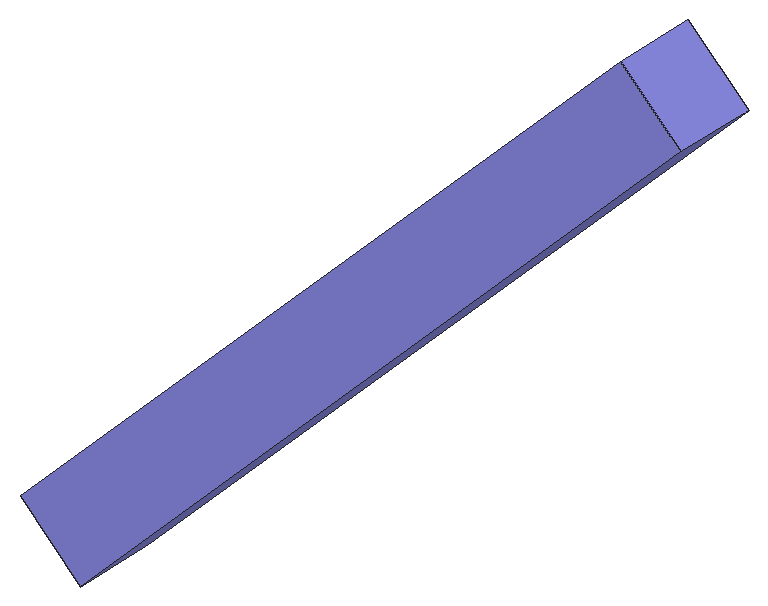
Revit family "配管サポート_等辺山形鋼 1", category Generic Models, Revit 2020
Family settings
  Can host rebar = No
  Round Connector Dimension = Use Diameter
  Part Type = Normal
  Work Plane-Based = Yes
  Always vertical = No
  Cut with Voids When Loaded = No
  Shared = No
  Room Calculation Point = No
Parameters (values of type "L 100 x 100")
  高さ = 100 mm
  長辺 [instance] = 長さ  # 1000 mm
  長さ [instance] = 1000 mm
  部屋名 = ""
  角度 [instance] = 45.00°
  Default Elevation = 1219.2 mm
  構造マテリアル = E102_配管サポート
  幅 = 100 mm
Types (18, lengths in mm): name | 高さ | 幅
  L 120 x 120 | 120 | 120
  L 130 x 130 | 130 | 130
  L 150 x 150 | 150 | 150
  L 175 x 175 | 175 | 175
  L 200 x 200 | 200 | 200
  L 25 x 25 | 25 | 25
  L 250 x 250 | 250 | 250
  L 30 x 30 | 30 | 30
  L 45 x 45 | 45 | 45
  L 50 x 50 | 50 | 50
  L 60 x 60 | 60 | 60
  L 65 x 65 | 65 | 65
  L 70 x 70 | 70 | 70
  L 75 x 75 | 75 | 75
  L 80 x 80 | 80 | 80
  L 90 x 90 | 90 | 90
  L 100 x 100 | 100 | 100
  L 40 x 40 | 40 | 40
Reference planes
  plane 1 "中心(正面/背面)": y = 0
  plane 2: z = 0
  plane 3 "中心(左/右)": x = 0
Lines and regions (mm)
  reference lines
    curve 1: line (0, 0, 0) -> (848.528, 0, 848.528)
    curve 2: line (35.355, 0, -35.355) -> (-35.355, 0, 35.355)
    curve 3: line (742.462, 0, 671.751) -> (671.751, 0, 742.462)
Dimensions and locks
  equal spacing: curve 2, curve 1, curve 2
  "高さ": curve 2 to curve 2
  equal spacing: curve 3, curve 1, curve 3
  "高さ": curve 3 to curve 3
  "長さ": curve 2 to curve 3
  "角度": angle level to curve 1
  angle curve 2 to curve 1 = 90.00°
  angle curve 3 to curve 1 = 90.00°
  aligned and locked: level to plane 2
  aligned and locked: level to curve 1
  aligned and locked: plane 3 "中心(左/右)" to curve 1
  aligned and locked: nested 1 to curve 1
Nested families
  nested 1: "グレーチング_等辺山形鋼" at (-35.355, 0, 35.355) x (0, 1, 0) z (0.7071, 0, -0.7071), 長さ <- "長さ", type "L 25 x 25"
    with 長辺 1000 mm, 長さ 1000 mm, 高さ 100 mm, 幅 100 mm
Definition of nested family "グレーチング_等辺山形鋼"
  Parameters (values of type "L 25 x 25")
    高さ = 25 mm
    長辺 [instance] = 長さ  # 1000 mm
    長さ [instance] = 1000 mm
    部屋名 = ""
    Default Elevation = 1219.2 mm
    構造マテリアル = none
    幅 = 25 mm
  Reference planes
    plane 1 "中心(正面/背面)": y = 0
    plane 2: z = 0
    plane 3 "中心(左/右)": x = 0
    plane 4: z = 12.5
    plane 5: z = 25
  Forms (mm)
    Extrusion 1, solid, material <- "構造マテリアル"
      sketch origin (0, 0, 0) x (1, 0, 0) y (0, 1, 0)
        loop
          line (-12.5, 1000) -> (-12.5, 0) -> (12.5, 0) -> (12.5, 1000) -> (-12.5, 1000)
      from 0 to 25
  Lines and regions (mm)
    reference lines
      curve 1: line (12.5, 1000, 0) -> (-12.5, 1000, 0)
      curve 2: line (12.5, 0, 0) -> (-12.5, 0, 0)
  Dimensions and locks
    "長さ": curve 1 to curve 2
    "幅": Extrusion 1 to Extrusion 1
    equal spacing: Extrusion 1, plane 3 "中心(左/右)", Extrusion 1
    "幅": curve 1 to curve 1
    equal spacing: curve 1, plane 3 "中心(左/右)", curve 1
    "幅": curve 2 to curve 2
    equal spacing: curve 2, plane 3 "中心(左/右)", curve 2
    equal spacing: plane 5, plane 4, level
    "高さ": plane 5 to level
    aligned and locked: level to plane 2
    aligned and locked: Extrusion 1 to curve 2
    aligned and locked: curve 1 to Extrusion 1
    aligned and locked: plane 5 to Extrusion 1
  Automatic sketch dimensions
    Extrusion 1 sketch curve to plane 3 "中心(左/右)" = 12.5 mm
    plane 3 "中心(左/右)" to Extrusion 1 sketch curve = 12.5 mm
    plane 1 "中心(正面/背面)" to Extrusion 1 sketch curve = 0 mm
    Extrusion 1 sketch curve to plane 1 "中心(正面/背面)" = 1000 mm
    plane 1 "中心(正面/背面)" to curve 2 = 0 mm
